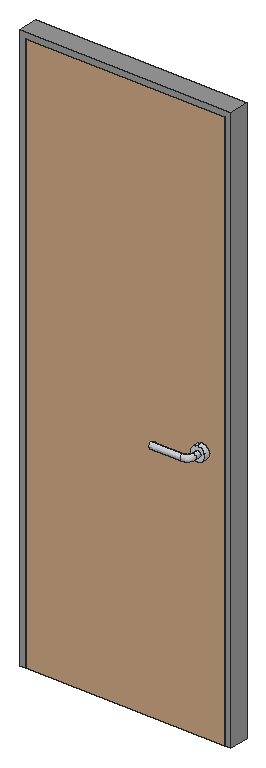
Revit family "- Legacy", category Doors, host Wall, Revit 2018
Family settings
  Host = Wall
  OmniClass Number = 23.30.10.00
  OmniClass Title = Doors
  Always vertical = Yes
  Cut with Voids When Loaded = No
  Shared = No
  Room Calculation Point = No
Parameters (values of type "- 70 x 200 cm")
  Set de Marcos = ""
  Relleno = ""
  Material Marco = - Perfil Aluminio
  Material Hoja = - HDF Imperial
  Manilla = - Manilla
  Hojas = "Simple de Abatir"
  Function = Interior
  Frame Projection Ext. = 2.50 cm
  Frame Projection Int. = 2.50 cm
  Frame Width = 7.50 cm
  Height = 200.00 cm
  Wall Closure = By host
  Width = 74.00 cm
  Distancia a Cara Interior = 6.00 cm
  Bisagras = ""
  Ancho Hoja = Width - 4.00 cm  # 70.00 cm
  Ancho = Width  # 74.00 cm
  Analytic Construction = "<None>"
  Alto = Height  # 200.00 cm
Types (12, lengths in cm): name | Material Hoja | Height | Width | Ancho Hoja | Ancho | Alto
  - 70 x 200 cm | - HDF Imperial | 200.00 | 74.00 | 70.00 | 74.00 | 200.00
  - 75 x 200 cm | none | 200.00 | 79.00 | 75.00 | 79.00 | 200.00
  - 80 x 200 cm | none | 200.00 | 84.00 | 80.00 | 84.00 | 200.00
  - 85 x 200 cm | none | 200.00 | 89.00 | 85.00 | 89.00 | 200.00
  - 90 x 200 cm | none | 200.00 | 94.00 | 90.00 | 94.00 | 200.00
  -95 x 200 cm | none | 200.00 | 99.00 | 95.00 | 99.00 | 200.00
  - 70 x 210 cm | none | 210.00 | 74.00 | 70.00 | 74.00 | 210.00
  - 75 x 210 cm | none | 210.00 | 79.00 | 75.00 | 79.00 | 210.00
  - 80 x 210 cm | none | 210.00 | 84.00 | 80.00 | 84.00 | 210.00
  - 85 x 210 cm | none | 210.00 | 89.00 | 85.00 | 89.00 | 210.00
  - 90 x 210 cm | none | 210.00 | 94.00 | 90.00 | 94.00 | 210.00
  - 95 x 210 cm | - HDF Crystal | 210.00 | 99.00 | 95.00 | 99.00 | 210.00
Reference planes (cm)
  plane 1: y = 0
  plane 2 "Center (Left/Right)": x = 0
  plane 3 "Left": x = -37
  plane 4 "Right": x = 37
  plane 5: z = 200
  plane 6 "Exterior": y = 7.5
  plane 7 "Interior": y = -7.5
  plane 8: y = -1.5
  plane 9: z = 198
  plane 10: x = -35
  plane 11: x = 35
Forms (cm)
  Sweep 1, solid, material "- Perfil Aluminio" <- "Material Marco"
    path origin (0, 7.5, 0) x (1, 0, 0) y (0, 0, 1)
      loop
        line (37, 0) -> (37, 200) -> (-37, 200) -> (-37, 0)
    profile origin (37, 7.5, 100) x (-1, 0, 0) y (0, -1, 0)
      loop
        line (0, 2) -> (3, 2) -> (3, 4.3) -> (2, 4.3) -> (2, 9) -> (0, 9) -> (0, 2)
  Extrusion 2, solid, material "- HDF Imperial" <- "Material Hoja"
    sketch origin (0, 0, 0) x (1, 0, 0) y (0, 1, 0)
      loop
        line (-35, -1.5) -> (35, -1.5) -> (35, 3) -> (-35, 3) -> (-35, -1.5)
    from 0 to 198
  Sweep 3, solid, material "- Manilla" <- "Manilla", not visible
    path origin (5.8483, -7.5601, 0) x (1, 0, 0) y (0, 1, 0)
      loop
        line (22.1517, 15.0613) -> (32.1517, 15.0613)
        arc (32.1517, 15.0613) -> (33.5659, 14.4756) -> (34.1517, 13.0613) r 2
        line (34.1517, 13.0613) -> (34.1517, 11.0613)
    profile origin (33, 7.5012, 0) x (0, 1, 0) y (0, 0, 1)
      loop
        circle (0, 90) r 1
  Extrusion 4, solid, material "- Manilla" <- "Manilla", not visible
    sketch origin (0, 7.5, 0) x (1, 0, 0) y (0, 0, 1)
      loop
        circle (40, 90) r 2.5
    from 3.9988 to 5
Lines and regions (cm)
  Opening 1
    outline origin (-305, -7.5, 0) x (1, 0, 0) y (0, 0, 1)
      loop
        line (268, 0) -> (342, 0) -> (342, 200) -> (268, 200) -> (268, 0)
  symbolic lines, style "Elevation Swing"
    curve 1: line (37, -7.5, 100) -> (-37, -7.5, 200)
    curve 2: line (37, -7.5, 100) -> (-37, -7.5, 0)
    curve 7: arc (-30.5, -71.5, 0) -> (16.4246, -49.6941, 0) -> (35.2596, -1.5001, 0) r 69.4706
  symbolic lines
    curve 3: line (-35, -1.5, 0) -> (-35, -71.5, 0)
    curve 4: line (-30.5, -1.5, 0) -> (-35, -1.5, 0)
    curve 5: line (-30.5, -71.5, 0) -> (-30.5, -1.5, 0)
    curve 6: line (-35, -71.5, 0) -> (-30.5, -71.5, 0)
  model lines, not visible
    curve 8: line (-20, 3, 25) -> (20, 3, 25)
    curve 9: line (-20, 3, 65) -> (-20, 3, 25)
    curve 10: line (20, 3, 65) -> (8.6603, 3, 65)
    curve 11: line (20, 3, 25) -> (20, 3, 65)
    curve 12: line (-20, 3, 75) -> (-8.6603, 3, 75)
    curve 13: line (-20, 3, 75) -> (-20, 3, 169.9666)
    curve 14: line (20, 3, 75) -> (20, 3, 169.9666)
    curve 15: arc (-8.6603, 3, 65) -> (0, 3, 60) -> (8.6603, 3, 65) r 10
    curve 16: line (8.6603, 3, 75) -> (20, 3, 75)
    curve 17: line (-8.6603, 3, 65) -> (-20, 3, 65)
    curve 18: arc (8.6603, 3, 75) -> (0, 3, 80) -> (-8.6603, 3, 75) r 10
    curve 19: arc (14.9666, 3, 175) -> (0, 3, 183) -> (-14.9666, 3, 175) r 18
    curve 20: arc (-20, 3, 169.9666) -> (-16.4409, 3, 171.4409) -> (-14.9666, 3, 175) r 5.0334
    curve 21: arc (14.9666, 3, 175) -> (16.4409, 3, 171.4409) -> (20, 3, 169.9666) r 5.0334
    curve 22: line (-9.2195, 3, 64) -> (-19, 3, 64)
    curve 23: line (-19, 3, 64) -> (-19, 3, 26)
    curve 24: arc (9.2195, 3, 64) -> (0, 3, 59) -> (-9.2195, 3, 64) r 11
    curve 25: line (19, 3, 64) -> (9.2195, 3, 64)
    curve 26: line (19, 3, 26) -> (19, 3, 64)
    curve 27: line (-19, 3, 26) -> (19, 3, 26)
    curve 28: line (-18.9928, 3, 168.9932) -> (-18.9928, 3, 76)
    curve 29: arc (-13.9941, 3, 174.9045) -> (-15.4113, 3, 171.0338) -> (-18.9928, 3, 168.9932) r 5.9946
    curve 30: arc (13.9971, 3, 174.7848) -> (0.0327, 3, 182.1538) -> (-13.9941, 3, 174.9045) r 17.0542
    curve 31: arc (19, 3, 169.1276) -> (15.4988, 3, 171.072) -> (13.9971, 3, 174.7848) r 6.0089
    curve 32: line (19, 3, 76) -> (19, 3, 169.1276)
    curve 33: line (9.2195, 3, 76) -> (19, 3, 76)
    curve 34: arc (-9.2195, 3, 76) -> (0, 3, 81) -> (9.2195, 3, 76) r 11
    curve 35: line (-18.9928, 3, 76) -> (-9.2195, 3, 76)
    curve 36: arc (12.052, 3, 174.0667) -> (0.0498, 3, 180.1537) -> (-12.0243, 3, 174.2107) r 15.0542
    curve 37: arc (-12.0243, 3, 174.2107) -> (-13.561, 3, 170.1508) -> (-16.9928, 3, 167.4925) r 7.9946
    curve 38: line (-16.9928, 3, 167.4925) -> (-16.9928, 3, 78)
    curve 39: line (17, 3, 78) -> (17, 3, 167.6269)
    curve 40: arc (17, 3, 167.6269) -> (13.6492, 3, 170.1731) -> (12.052, 3, 174.0667) r 8.0089
    curve 41: line (-16.9928, 3, 78) -> (-10.247, 3, 78)
    curve 42: arc (-10.247, 3, 78) -> (0, 3, 83) -> (10.247, 3, 78) r 13
    curve 43: line (10.247, 3, 78) -> (17, 3, 78)
    curve 44: line (-10.247, 3, 62) -> (-17, 3, 62)
    curve 45: arc (10.247, 3, 62) -> (0, 3, 57) -> (-10.247, 3, 62) r 13
    curve 46: line (17, 3, 62) -> (10.247, 3, 62)
    curve 47: line (17, 3, 28) -> (17, 3, 62)
    curve 48: line (-17, 3, 28) -> (17, 3, 28)
    curve 49: line (-17, 3, 62) -> (-17, 3, 28)
    curve 50: line (-314, -1.5, 25) -> (-274, -1.5, 25)
    curve 51: line (-314, -1.5, 65) -> (-314, -1.5, 25)
    curve 52: line (-274, -1.5, 25) -> (-274, -1.5, 65)
    curve 53: line (-314, -1.5, 70) -> (-274, -1.5, 70)
    curve 54: line (-314, -1.5, 70) -> (-314, -1.5, 87)
    curve 55: line (-274, -1.5, 70) -> (-274, -1.5, 87)
    curve 56: line (-274, -1.5, 65) -> (-314, -1.5, 65)
    curve 57: line (-275, -1.5, 64) -> (-313, -1.5, 64)
    curve 58: line (-313, -1.5, 64) -> (-313, -1.5, 26)
    curve 59: line (-275, -1.5, 26) -> (-275, -1.5, 64)
    curve 60: line (-313, -1.5, 26) -> (-275, -1.5, 26)
    curve 61: line (-312.9928, -1.5, 86) -> (-312.9928, -1.5, 71)
    curve 62: line (-275, -1.5, 71) -> (-275, -1.5, 86)
    curve 63: line (-312.9928, -1.5, 71) -> (-275, -1.5, 71)
    curve 64: line (-310.9928, -1.5, 84) -> (-310.9928, -1.5, 73)
    curve 65: line (-277, -1.5, 73) -> (-277, -1.5, 84)
    curve 66: line (-310.9928, -1.5, 73) -> (-277, -1.5, 73)
    curve 67: line (-277, -1.5, 62) -> (-311, -1.5, 62)
    curve 68: line (-277, -1.5, 28) -> (-277, -1.5, 62)
    curve 69: line (-311, -1.5, 28) -> (-277, -1.5, 28)
    curve 70: line (-311, -1.5, 62) -> (-311, -1.5, 28)
    curve 71: line (-310.9928, -1.5, 84) -> (-277, -1.5, 84)
    curve 72: line (-314, -1.5, 87) -> (-274, -1.5, 87)
    curve 73: line (-312.9928, -1.5, 86) -> (-275, -1.5, 86)
    curve 74: line (-310.9928, -1.5, 84) -> (-277, -1.5, 84)
    curve 75: line (-314, -1.5, 97) -> (-274, -1.5, 97)
    curve 76: line (-314, -1.5, 185) -> (-314, -1.5, 97)
    curve 77: line (-274, -1.5, 97) -> (-274, -1.5, 185)
    curve 78: line (-274, -1.5, 185) -> (-314, -1.5, 185)
    curve 79: line (-275, -1.5, 184) -> (-313, -1.5, 184)
    curve 80: line (-313, -1.5, 184) -> (-313, -1.5, 98)
    curve 81: line (-275, -1.5, 98) -> (-275, -1.5, 184)
    curve 82: line (-313, -1.5, 98) -> (-275, -1.5, 98)
    curve 83: line (-277, -1.5, 182) -> (-311, -1.5, 182)
    curve 84: line (-277, -1.5, 100) -> (-277, -1.5, 182)
    curve 85: line (-311, -1.5, 100) -> (-277, -1.5, 100)
    curve 86: line (-311, -1.5, 182) -> (-311, -1.5, 100)
    curve 87: line (-320, 3, 25) -> (-280, 3, 25)
    curve 88: line (-320, 3, 65) -> (-320, 3, 25)
    curve 89: line (-280, 3, 25) -> (-280, 3, 65)
    curve 90: line (-320, 3, 72.5) -> (-280, 3, 72.5)
    curve 91: line (-280, 3, 65) -> (-320, 3, 65)
    curve 92: line (-281, 3, 64) -> (-319, 3, 64)
    curve 93: line (-319, 3, 64) -> (-319, 3, 26)
    curve 94: line (-281, 3, 26) -> (-281, 3, 64)
    curve 95: line (-319, 3, 26) -> (-281, 3, 26)
    curve 96: line (-319, 3, 73.5) -> (-281, 3, 73.5)
    curve 97: line (-317, 3, 75.5) -> (-283, 3, 75.5)
    curve 98: line (-283, 3, 62) -> (-317, 3, 62)
    curve 99: line (-283, 3, 28) -> (-283, 3, 62)
    curve 100: line (-317, 3, 28) -> (-283, 3, 28)
    curve 101: line (-317, 3, 62) -> (-317, 3, 28)
    curve 102: line (-320, 3, 179.3431) -> (-320, 3, 72.5)
    curve 103: line (-280, 3, 72.5) -> (-280, 3, 179.3431)
    curve 104: line (-319, 3, 178.3431) -> (-319, 3, 73.5)
    curve 105: line (-281, 3, 73.5) -> (-281, 3, 178.3431)
    curve 106: line (-283, 3, 75.5) -> (-283, 3, 176.3431)
    curve 107: line (-317, 3, 176.3431) -> (-317, 3, 75.5)
    curve 108: arc (-292, 3, 181) -> (-300, 3, 185) -> (-308, 3, 181) r 10
    curve 109: arc (-292, 3, 181) -> (-290.1648, 3, 179.7737) -> (-288, 3, 179.3431) r 5.6569
    curve 110: arc (-308, 3, 181) -> (-309.8352, 3, 179.7737) -> (-312, 3, 179.3431) r 5.6569
    curve 111: line (-288, 3, 179.3431) -> (-280, 3, 179.3431)
    curve 112: line (-312, 3, 179.3431) -> (-320, 3, 179.3431)
    curve 113: line (-281, 3, 178.3431) -> (-288, 3, 178.3431)
    curve 114: arc (-288, 3, 178.3431) -> (-290.5825, 3, 178.8645) -> (-292.7604, 3, 180.3468) r 6.6569
    curve 115: arc (-292.7604, 3, 180.3468) -> (-300, 3, 184) -> (-307.2396, 3, 180.3468) r 9
    curve 116: arc (-307.2396, 3, 180.3468) -> (-309.4175, 3, 178.8645) -> (-312, 3, 178.3431) r 6.6569
    curve 117: line (-312, 3, 178.3431) -> (-319, 3, 178.3431)
    curve 118: line (-283, 3, 176.3431) -> (-288, 3, 176.3431)
    curve 119: arc (-288, 3, 176.3431) -> (-291.43, 3, 177.0516) -> (-294.2985, 3, 179.0611) r 8.6569
    curve 120: arc (-294.2985, 3, 179.0611) -> (-300, 3, 182) -> (-305.7015, 3, 179.0611) r 7
    curve 121: arc (-305.7015, 3, 179.0611) -> (-308.57, 3, 177.0516) -> (-312, 3, 176.3431) r 8.6569
    curve 122: line (-312, 3, 176.3431) -> (-317, 3, 176.3431)
    curve 123: line (302, -1.5, 25) -> (342, -1.5, 25)
    curve 124: line (302, -1.5, 65) -> (302, -1.5, 25)
    curve 125: line (342, -1.5, 25) -> (342, -1.5, 65)
    curve 126: line (302, -1.5, 77.5) -> (342, -1.5, 77.5)
    curve 127: line (342, -1.5, 65) -> (302, -1.5, 65)
    curve 128: line (341, -1.5, 64) -> (303, -1.5, 64)
    curve 129: line (303, -1.5, 64) -> (303, -1.5, 26)
    curve 130: line (341, -1.5, 26) -> (341, -1.5, 64)
    curve 131: line (303, -1.5, 26) -> (341, -1.5, 26)
    curve 132: line (303, -1.5, 78.5) -> (341, -1.5, 78.5)
    curve 133: line (304.9998, -1.5, 80.5) -> (339.0011, -1.5, 80.5)
    curve 134: line (339, -1.5, 62) -> (305, -1.5, 62)
    curve 135: line (339, -1.5, 28) -> (339, -1.5, 62)
    curve 136: line (305, -1.5, 28) -> (339, -1.5, 28)
    curve 137: line (305, -1.5, 62) -> (305, -1.5, 28)
    curve 138: line (302, -1.5, 185) -> (302, -1.5, 77.5)
    curve 139: line (342, -1.5, 77.5) -> (342, -1.5, 185)
    curve 140: line (303, -1.5, 184) -> (303, -1.5, 78.5)
    curve 141: line (341, -1.5, 78.5) -> (341, -1.5, 184)
    curve 142: line (339.0011, -1.5, 80.5) -> (339.0011, -1.5, 182)
    curve 143: line (304.9998, -1.5, 182) -> (304.9998, -1.5, 80.5)
    curve 144: line (306, 3, 25) -> (346, 3, 25)
    curve 145: line (306, 3, 65) -> (306, 3, 25)
    curve 146: line (346, 3, 25) -> (346, 3, 65)
    curve 147: line (306, 3, 77.5) -> (346, 3, 77.5)
    curve 148: line (346, 3, 65) -> (306, 3, 65)
    curve 149: line (345, 3, 64) -> (307, 3, 64)
    curve 150: line (307, 3, 64) -> (307, 3, 26)
    curve 151: line (345, 3, 26) -> (345, 3, 64)
    curve 152: line (307, 3, 26) -> (345, 3, 26)
    curve 153: line (307, 3, 78.5) -> (345, 3, 78.5)
    curve 154: line (308.9998, 3, 80.5) -> (343.0011, 3, 80.5)
    curve 155: line (343, 3, 62) -> (309, 3, 62)
    curve 156: line (343, 3, 28) -> (343, 3, 62)
    curve 157: line (309, 3, 28) -> (343, 3, 28)
    curve 158: line (309, 3, 62) -> (309, 3, 28)
    curve 159: line (306, 3, 185) -> (306, 3, 77.5)
    curve 160: line (346, 3, 77.5) -> (346, 3, 185)
    curve 161: line (307, 3, 184) -> (307, 3, 78.5)
    curve 162: line (345, 3, 78.5) -> (345, 3, 184)
    curve 163: line (343.0011, 3, 80.5) -> (343.0011, 3, 182)
    curve 164: line (308.9998, 3, 182) -> (308.9998, 3, 80.5)
    curve 165: line (346, 3, 185) -> (306, 3, 185)
    curve 166: line (345, 3, 184) -> (307, 3, 184)
    curve 167: line (343.0011, 3, 182) -> (308.9998, 3, 182)
    curve 168: line (302, -1.5, 185) -> (342, -1.5, 185)
    curve 169: line (341, -1.5, 184) -> (303, -1.5, 184)
    curve 170: line (339.0011, -1.5, 182) -> (304.9998, -1.5, 182)
    curve 171: line (24, 7.5, 179) -> (-49, 7.5, 179)
    curve 172: line (24, 7.5, 178) -> (-49, 7.5, 178)
    curve 175: line (-49, 7.5, 178.5) -> (-48.8, 7.5, 178.5)
  model lines
    curve 173: line (-34, 7.5, 34.5) -> (-33.8, 7.5, 34.5)
    curve 174: line (-34, 7.5, 172.5) -> (-33.8, 7.5, 172.5)
    curve 176: line (-34, 7.5, 138) -> (-33.8, 7.5, 138)
    curve 177: line (-34, 7.5, 103.5) -> (-33.8, 7.5, 103.5)
    curve 178: line (-34, 7.5, 69) -> (-33.8, 7.5, 69)
Text (cm)
  text "Exterior" at (-229.5016, 109.9543, 0), in view "Ref. Level"
  text "Exterior" at (0, 161.538, 369.8081), in view "Left"
  text "Exterior" at (0, 103.6032, 387.4932), in view "Right"
Dimensions and locks (cm)
  equal spacing: plane 3 "Left", plane 2 "Center (Left/Right)", plane 4 "Right"
  "Width": plane 3 "Left" to plane 4 "Right"
  "Height": plane 5 to host wall
  equal spacing: host wall, curve 2, plane 5
  host wall to plane 5 = 200.00 cm
  locked: plane 6 "Exterior" to host wall at 0
  locked: plane 7 "Interior" to host wall
  "Distancia a Cara Interior": plane 7 "Interior" to plane 8
  locked: Sweep 1 sketch curve to Sweep 1 sketch curve at 7
  locked: plane 9 to plane 5 at 2
  locked: curve 3 to curve 5 at 4.5
  locked: plane 3 "Left" to plane 10 at 2
  locked: plane 11 to plane 4 "Right" at 2
  "Ancho Hoja": curve 6 to curve 4
  locked: Extrusion 2 sketch curve to Extrusion 2 sketch curve at 4.5
  locked: nested 1 to plane 4 "Right" at 10
  level to nested 1 = 90.00 cm
  locked: nested 2 to plane 4 "Right" at 10
  locked: nested 2 to level at 90
  locked: Sweep 1 sketch curve to Sweep 1 sketch curve at 2.3
  aligned and locked: plane 3 "Left" to Opening 1 sketch curve
  aligned and locked: plane 5 to Opening 1 sketch curve  (x2)
  aligned and locked: Opening 1 sketch curve to plane 4 "Right"
  aligned and locked: Opening 1 sketch curve to level
  aligned and locked: plane 5 to curve 1
  aligned and locked: plane 3 "Left" to curve 2
  aligned and locked: plane 1 to host wall
  aligned and locked: plane 3 "Left" to curve 1
  aligned and locked: plane 8 to Sweep 1 sketch curve
  aligned and locked: Extrusion 2 sketch curve to plane 8
  aligned and locked: Sweep 1 to level
  aligned and locked: plane 10 to curve 3
  aligned and locked: Sweep 3 to Extrusion 4
  aligned and locked: Extrusion 2 to plane 9
Automatic sketch dimensions
  curve 7 to plane 8 = 0.0001 cm
  curve 7 to plane 11 = 0.2596 cm
  curve 4 to plane 8 = 0.00 cm
  curve 7 to plane 10 = 0.7919 cm
  Sweep 3 sketch curve to Sweep 3 sketch curve = 10.00 cm
  Sweep 3 sketch curve to Sweep 3 sketch curve = 2.00 cm  (x2)
  Sweep 3 sketch curve to profile plane = 0.00 cm
  profile plane to Sweep 3 sketch curve = 90.00 cm
  Extrusion 2 sketch curve to plane 10 = 0.00 cm
  Extrusion 2 sketch curve to plane 11 = 0.00 cm
  curve 15 to curve 18 = 0.00 cm  (x4)
  curve 15 to curve 24 = 0.00 cm  (x4)
  curve 15 to curve 34 = 0.00 cm  (x4)
  curve 15 to curve 42 = 0.00 cm  (x4)
  curve 15 to curve 45 = 0.00 cm  (x4)
  curve 29 to curve 37 = 0.00 cm  (x4)
  curve 30 to curve 36 = 0.00 cm  (x4)
  curve 31 to curve 40 = 0.00 cm  (x4)
  curve 8 to curve 31 = 0.00 cm
  curve 21 to curve 31 = 0.00 cm
  curve 14 to curve 32 = 1.00 cm
  curve 10 to curve 26 = 1.00 cm
  curve 26 to curve 47 = 2.00 cm
  curve 32 to curve 39 = 2.00 cm
  curve 46 to curve 46 = 6.753 cm
  curve 39 to curve 43 = 6.753 cm
  curve 42 to curve 33 = 1.0274 cm
  curve 45 to curve 25 = 1.0274 cm
  curve 33 to curve 16 = 0.5593 cm
  curve 24 to curve 10 = 0.5593 cm
  curve 16 to curve 24 = 8.6603 cm
  curve 39 to curve 19 = 17.00 cm
  curve 19 to curve 36 = 0.0402 cm
  curve 15 to curve 12 = 8.6603 cm
  curve 15 to curve 17 = 8.6603 cm
  curve 15 to curve 22 = 0.5593 cm
  curve 12 to curve 35 = 0.5593 cm
  curve 22 to curve 44 = 1.0274 cm
  curve 34 to curve 41 = 1.0274 cm
  curve 41 to curve 38 = 6.7459 cm
  curve 47 to curve 48 = 34.00 cm
  curve 38 to curve 35 = 2.00 cm
  curve 44 to curve 22 = 2.00 cm
  curve 28 to curve 29 = 0.9959 cm
  curve 29 to curve 20 = 0.0113 cm
  curve 22 to curve 17 = 1.00 cm
  curve 8 to curve 26 = 1.00 cm
  curve 23 to curve 49 = 2.00 cm
  curve 48 to curve 49 = 34.00 cm
  curve 45 to curve 25 = 2.00 cm
  curve 25 to curve 10 = 1.00 cm
  curve 10 to curve 45 = 5.00 cm
  curve 10 to curve 16 = 10.00 cm
  curve 12 to curve 35 = 1.00 cm
  curve 34 to curve 41 = 2.00 cm
  curve 41 to curve 19 = 87.00 cm
  curve 19 to curve 30 = 0.0997 cm
  curve 36 to curve 38 = 2.3928 cm
  curve 19 to curve 39 = 2.6269 cm
  curve 37 to curve 28 = 1.5007 cm
  curve 39 to curve 32 = 1.5007 cm
  curve 28 to curve 13 = 0.9734 cm
  curve 31 to curve 14 = 0.839 cm
  curve 13 to curve 29 = 4.9378 cm
  curve 29 to curve 20 = 0.0955 cm
  curve 21 to curve 40 = 0.0527 cm
  curve 31 to curve 36 = 1.9451 cm
  curve 55 to curve 62 = 1.4142 cm
  curve 59 to curve 68 = 2.8284 cm
  curve 62 to curve 65 = 2.8284 cm
  curve 53 to curve 63 = 1.4142 cm
  curve 57 to curve 67 = 2.8284 cm
  curve 66 to curve 64 = 33.9928 cm
  curve 68 to curve 69 = 34.00 cm
  curve 64 to curve 63 = 2.8284 cm
  curve 67 to curve 57 = 2.8284 cm
  curve 57 to curve 56 = 1.4142 cm
  curve 50 to curve 59 = 1.4142 cm
  curve 58 to curve 70 = 2.8284 cm
  curve 69 to curve 70 = 34.00 cm  (x2)
  curve 53 to curve 63 = 1.4193 cm
  curve 65 to curve 62 = 2.8284 cm
  curve 61 to curve 54 = 1.4193 cm
  curve 18 to curve 24 = 0.00 cm  (x2)
  curve 18 to curve 34 = 0.00 cm  (x2)
  curve 18 to curve 42 = 0.00 cm  (x2)
  curve 18 to curve 45 = 0.00 cm  (x2)
  curve 24 to curve 34 = 0.00 cm  (x2)
  curve 24 to curve 42 = 0.00 cm  (x2)
  curve 24 to curve 45 = 0.00 cm  (x2)
  curve 34 to curve 42 = 0.00 cm  (x2)
  curve 34 to curve 45 = 0.00 cm  (x2)
  curve 42 to curve 45 = 0.00 cm  (x2)
  curve 72 to curve 51 = 0.00 cm
  curve 75 to curve 54 = 0.00 cm
  curve 76 to curve 79 = 1.00 cm
  curve 51 to curve 57 = 1.00 cm
  curve 53 to curve 63 = 1.0072 cm
  curve 79 to curve 86 = 2.00 cm
  curve 58 to curve 70 = 2.00 cm
  curve 61 to curve 66 = 2.00 cm
  curve 64 to curve 65 = 33.9928 cm
  curve 69 to curve 69 = 34.00 cm
  curve 85 to curve 65 = 0.00 cm
  curve 68 to curve 60 = 2.00 cm
  curve 65 to curve 63 = 2.00 cm
  curve 84 to curve 82 = 2.00 cm
  curve 62 to curve 55 = 1.00 cm
  curve 57 to curve 56 = 1.00 cm  (x2)
  curve 79 to curve 78 = 1.00 cm  (x2)
  curve 50 to curve 59 = 1.00 cm
  curve 59 to curve 68 = 2.00 cm
  curve 67 to curve 57 = 2.00 cm
  curve 52 to curve 53 = 5.00 cm
  curve 53 to curve 63 = 1.00 cm
  curve 62 to curve 66 = 2.00 cm
  curve 65 to curve 71 = 11.00 cm
  curve 65 to curve 62 = 2.00 cm
  curve 62 to curve 72 = 1.00 cm
  curve 55 to curve 75 = 10.00 cm
  curve 75 to curve 82 = 1.00 cm
  curve 81 to curve 84 = 2.00 cm
  curve 84 to curve 84 = 82.00 cm
  curve 83 to curve 79 = 2.00 cm
  curve 87 to curve 90 = 0.00 cm
  curve 103 to curve 105 = 1.00 cm
  curve 89 to curve 92 = 1.00 cm
  curve 105 to curve 106 = 2.00 cm
  curve 92 to curve 99 = 2.00 cm
  curve 98 to curve 98 = 34.00 cm
  curve 106 to curve 107 = 34.00 cm
  curve 97 to curve 96 = 2.00 cm
  curve 98 to curve 92 = 2.00 cm
  curve 96 to curve 102 = 1.00 cm
  curve 92 to curve 91 = 1.00 cm
  curve 87 to curve 94 = 1.00 cm
  curve 94 to curve 99 = 2.00 cm
  curve 100 to curve 101 = 34.00 cm
  curve 98 to curve 93 = 2.00 cm
  curve 92 to curve 89 = 1.00 cm
  curve 89 to curve 103 = 7.50 cm
  curve 90 to curve 105 = 1.00 cm
  curve 96 to curve 106 = 2.00 cm
  curve 97 to curve 107 = 100.8431 cm
  curve 106 to curve 107 = 0.00 cm
  curve 106 to curve 105 = 2.00 cm
  curve 105 to curve 103 = 1.00 cm
  curve 123 to curve 126 = 52.50 cm
  curve 139 to curve 141 = 1.4142 cm
  curve 125 to curve 128 = 1.4142 cm
  curve 141 to curve 142 = 2.8276 cm
  curve 128 to curve 135 = 2.8284 cm
  curve 134 to curve 134 = 34.00 cm
  curve 142 to curve 143 = 34.0013 cm  (x2)
  curve 133 to curve 132 = 2.8283 cm
  curve 134 to curve 128 = 2.8284 cm
  curve 132 to curve 138 = 1.4142 cm
  curve 128 to curve 127 = 1.4142 cm
  curve 123 to curve 130 = 1.4142 cm
  curve 130 to curve 135 = 2.8284 cm
  curve 136 to curve 137 = 34.00 cm  (x2)
  curve 134 to curve 129 = 2.8284 cm
  curve 128 to curve 125 = 1.4142 cm
  curve 125 to curve 139 = 12.50 cm
  curve 126 to curve 141 = 1.4142 cm
  curve 132 to curve 142 = 2.8276 cm
  curve 133 to curve 143 = 101.50 cm
  curve 142 to curve 141 = 2.8276 cm
  curve 143 to curve 140 = 2.8283 cm
  curve 141 to curve 139 = 1.4142 cm
  curve 140 to curve 138 = 1.4142 cm
  curve 108 to curve 115 = 0.00 cm  (x4)
  curve 108 to curve 120 = 0.00 cm  (x4)
  curve 109 to curve 114 = 0.00 cm  (x3)
  curve 109 to curve 119 = 0.00 cm  (x4)
  curve 110 to curve 116 = 0.00 cm  (x3)
  curve 110 to curve 121 = 0.00 cm  (x3)
  curve 114 to curve 119 = 0.00 cm  (x3)
  curve 116 to curve 121 = 0.00 cm  (x4)
  curve 106 to curve 111 = 5.00 cm
  curve 118 to curve 115 = 12.00 cm
  curve 110 to curve 104 = 7.00 cm
  curve 115 to curve 106 = 1.3431 cm
  curve 122 to curve 117 = 2.00 cm
  curve 117 to curve 112 = 1.00 cm
  curve 110 to curve 121 = 5.6569 cm
  curve 111 to curve 109 = 5.6569 cm
  curve 109 to curve 109 = 4.00 cm
  curve 108 to curve 115 = 0.7604 cm
  curve 115 to curve 119 = 1.5381 cm
  curve 115 to curve 120 = 0.00 cm  (x2)
  curve 144 to curve 147 = 52.50 cm
  curve 160 to curve 162 = 1.4142 cm
  curve 146 to curve 149 = 1.4142 cm
  curve 162 to curve 163 = 2.8276 cm
  curve 149 to curve 156 = 2.8284 cm
  curve 155 to curve 155 = 34.00 cm  (x2)
  curve 163 to curve 164 = 34.0013 cm  (x3)
  curve 154 to curve 153 = 2.8283 cm
  curve 155 to curve 149 = 2.8284 cm
  curve 153 to curve 159 = 1.4142 cm
  curve 149 to curve 148 = 1.4142 cm
  curve 144 to curve 151 = 1.4142 cm  (x2)
  curve 151 to curve 156 = 2.8284 cm  (x2)
  curve 157 to curve 158 = 34.00 cm  (x3)
  curve 155 to curve 150 = 2.8284 cm  (x2)
  curve 149 to curve 146 = 1.4142 cm  (x2)
  curve 146 to curve 160 = 12.50 cm  (x3)
  curve 147 to curve 162 = 1.4142 cm
  curve 153 to curve 163 = 2.8276 cm
  curve 154 to curve 164 = 101.50 cm  (x2)
  curve 163 to curve 162 = 2.8276 cm  (x2)
  curve 164 to curve 161 = 2.8283 cm
  curve 162 to curve 160 = 1.4142 cm
  curve 161 to curve 159 = 1.4142 cm
  curve 159 to curve 145 = 120.00 cm
  curve 147 to curve 161 = 1.4142 cm
  curve 145 to curve 149 = 1.4142 cm
  curve 150 to curve 158 = 2.8284 cm
  curve 153 to curve 154 = 2.8283 cm
  curve 155 to curve 163 = 18.50 cm
  curve 156 to curve 152 = 2.8284 cm
  curve 153 to curve 160 = 1.4142 cm
  curve 151 to curve 144 = 1.4142 cm
  curve 147 to curve 153 = 1.4142 cm
  curve 153 to curve 164 = 2.8283 cm
  curve 144 to curve 147 = 0.00 cm
  curve 147 to curve 153 = 1.00 cm  (x2)
  curve 146 to curve 149 = 1.00 cm
  curve 162 to curve 163 = 1.9989 cm
  curve 149 to curve 156 = 2.00 cm
  curve 155 to curve 158 = 34.00 cm
  curve 164 to curve 161 = 1.9998 cm
  curve 155 to curve 149 = 2.00 cm
  curve 150 to curve 145 = 1.00 cm
  curve 153 to curve 147 = 1.00 cm
  curve 144 to curve 151 = 1.00 cm
  curve 151 to curve 156 = 2.00 cm
  curve 155 to curve 150 = 2.00 cm
  curve 149 to curve 148 = 1.00 cm
  curve 153 to curve 154 = 2.00 cm
  curve 164 to curve 161 = 2.00 cm
  curve 161 to curve 159 = 1.00 cm
  curve 168 to curve 124 = 0.00 cm
  curve 126 to curve 132 = 1.00 cm  (x2)
  curve 124 to curve 128 = 1.00 cm
  curve 132 to curve 143 = 1.9998 cm
  curve 129 to curve 137 = 2.00 cm
  curve 134 to curve 135 = 34.00 cm
  curve 134 to curve 133 = 0.0011 cm
  curve 134 to curve 130 = 2.00 cm  (x2)
  curve 133 to curve 132 = 1.9989 cm
  curve 141 to curve 139 = 1.00 cm
  curve 128 to curve 125 = 1.00 cm
  curve 123 to curve 130 = 1.00 cm
  curve 130 to curve 136 = 2.00 cm
  curve 128 to curve 127 = 1.00 cm
  curve 124 to curve 138 = 12.50 cm
  curve 132 to curve 143 = 2.00 cm
  curve 133 to curve 168 = 104.50 cm
  curve 142 to curve 141 = 2.00 cm
  curve 169 to curve 139 = 1.00 cm
  curve 173 to curve 173 = 0.20 cm
  curve 174 to curve 174 = 0.20 cm  (x2)
  curve 175 to curve 175 = 0.20 cm
  curve 175 to curve 172 = 72.80 cm
  curve 171 to curve 172 = 0.00 cm  (x2)
  curve 172 to curve 175 = 0.50 cm
  curve 175 to curve 171 = 0.50 cm
  curve 175 to curve 172 = 0.00 cm
  curve 176 to curve 176 = 0.20 cm  (x2)
  curve 177 to curve 177 = 0.20 cm  (x2)
  curve 178 to curve 178 = 0.20 cm  (x2)
  curve 2 to level = 0.00 cm
  plane 4 "Right" to curve 2 = 0.00 cm
  plane 3 "Left" to Sweep 1 sketch curve = 0.00 cm
  plane 4 "Right" to Sweep 1 sketch curve = 0.00 cm
  Sweep 1 sketch curve to level = 0.00 cm  (x2)
  Sweep 1 sketch curve to plane 5 = 0.00 cm
  Sweep 1 sketch curve to profile plane = 0.00 cm
  Sweep 1 sketch curve to profile plane = 2.00 cm
  Sweep 1 sketch curve to Sweep 1 sketch curve = 1.00 cm
  curve 173 to plane 10 = 1.00 cm
  curve 173 to plane 10 = 1.20 cm
  level to curve 173 = 34.50 cm
  curve 178 to plane 10 = 1.00 cm
  level to curve 178 = 69.00 cm
  curve 176 to plane 10 = 1.00 cm
  curve 177 to plane 10 = 1.00 cm
  curve 174 to plane 10 = 1.00 cm
  curve 178 to curve 177 = 34.50 cm
  curve 177 to curve 176 = 34.50 cm
  plane 9 to curve 174 = 25.50 cm
  radius of Sweep 3 sketch curve = 1.00 cm
  radius of Extrusion 4 sketch curve = 2.50 cm
Nested families (cm)
  nested 1: "- Manilla Generica Puerta" at (27, 3, 90) x (0, 0, -1) z (0, 1, 0), type "- Manilla Generica Puerta"
  nested 2: "- Manilla Generica Puerta" at (27, -1.5, 90) x (0, 0, -1) z (0, -1, 0), type "- Manilla Generica Puerta"
Definition of nested family "- Manilla Generica Puerta"
  Parameters (values of type "- Manilla Generica Puerta")
    Manilla = none
    Default Elevation = 121.92 cm
  Reference planes (cm)
    plane 1 "Center (Front/Back)": y = 0
    plane 2: z = 0
    plane 3 "Center (Left/Right)": x = 0
    plane 4: z = 2
  Forms (cm)
    Extrusion 1, solid
      sketch origin (0, 0, 0) x (1, 0, 0) y (0, 1, 0)
        loop
          line (-121.92, 121.92) -> (-121.92, -121.92) -> (121.92, -121.92) -> (121.92, 121.92) -> (-121.92, 121.92)
      from 0 to -30.48
    Extrusion 2, solid, material <- "Manilla"
      sketch origin (0, 0, 0) x (1, 0, 0) y (0, 1, 0)
        loop
          circle (0, 0) r 2.5
      from 0 to 2
    Sweep 3, solid, material <- "Manilla"
      path origin (0, 0, 0) x (0, 1, 0) y (0, 0, 1)
        loop
          line (0, 2) -> (0, 4)
          arc (0, 4) -> (0.5858, 5.4142) -> (2, 6) r 2
          line (2, 6) -> (13, 6)
      profile origin (0, 0, 3) x (0, -1, 0) y (1, 0, 0)
        loop
          circle (0, 0) r 1
  Dimensions and locks (cm)
    locked: Extrusion 2 to Extrusion 2 at 2
    locked: plane 4 to level at 2
    aligned and locked: plane 2 to Extrusion 1
    aligned and locked: level to Extrusion 1
    aligned and locked: plane 4 to Sweep 3
